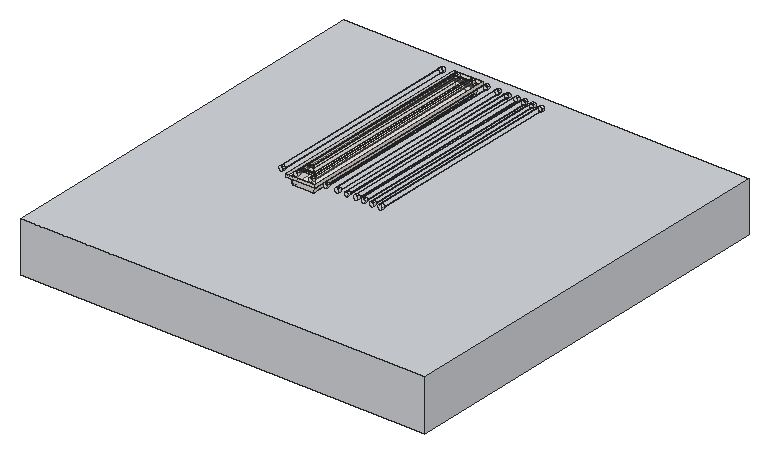
Revit family
Parameters
  Width = 1' - 4 3/4"
  Wattage Comments = "Varies per type."
  Wattage = 13 W
  Watermarked By = "http://revitwatermark.com"
  built-in parameter 1150110 = 1 (stored number, unit not read)
  Voltage = "120"
  URL = "http://www.cooperlighting.com/"
  Type Comments = "Load types thru Type Catalog."
  Supply Voltage = 0 V
  Shield Type = Shield 4 - Vaportite : VT3
  Shield Material = Plastic - Cooper Industries - #12 Acrylic
  Reflector Type = Generic Component : None
  Mounting Trim Type = ""
  Louver Material = Metal - Cooper Industries - Aluminum
  Number of Poles = 1
  Model = "All Industrial models."
  Lamp = "T8,Biax,T5,or U"
  Is Recessed = no
  Housing Type = Housing 10 - VT23 : 4' Surface VT3
  End Cap Type = Generic Component : None
  Electrical Connector Description = "Power Supply"
  Diffuser Material = Metal - Cooper Industries - Aluminum - White
  Description = "Main Industrials Family"
  Cable Type = Generic Component : None
  Cable Material = Metal - Cooper Industries - Steel - White
  CTRL Reflector Width = 1' - 2"
  CTRL Reflector Length = CTRL End Cap Length Distance - 0' 0 1/8"  # 4' - 0"
  CTRL Reflector 2 Visibility = not(CTRL Reflector 2 Left Inset = CTRL Reflector 1 Left Inset)  # no
  CTRL Reflector 2 Elevation Inset = 0' - 4 11/32"
  CTRL Reflector 2 Left Inset = 0' - 8"
  CTRL Reflector 1 Visibility = yes
  CTRL Reflector 1 Left Inset = 0' - 8"
  CTRL Reflector 1 Elevation Inset = 0' - 4 11/32"
  CTRL Light Source 2 Offset = 1' - 0"
  CTRL Light Source 1 Offset = 2' - 0"
  CTRL Lamp 9 Visibility = and(Lamp Quantity > 8, CTRL Lamp 8 Visibility)  # yes
  CTRL Lamp 9 Height Inset = 0' - 3 1/8"
  CTRL Lamp 9 Distance From 8 = 0' - 2"
  CTRL Lamp 8 Visibility = and(Lamp Quantity > 7, CTRL Lamp 7 Visibility)  # yes
  CTRL Lamp 8 Height Inset = 0' - 3 1/8"
  CTRL Lamp 8 Distance From 7 = 0' - 1 3/4"
  CTRL Lamp 7 Visibility = and(Lamp Quantity > 6, CTRL Lamp 6 Visibility)  # yes
  CTRL Lamp 7 Height Inset = 0' - 3 1/8"
  CTRL Lamp 7 Distance From 6 = 0' - 2 1/4"
  CTRL Lamp 6 Visibility = and(Lamp Quantity > 5, CTRL Lamp 5 Visibility)  # yes
  CTRL Lamp 6 Height Inset = 0' - 3 1/8"
  CTRL Lamp 6 Distance From 5 = 0' - 2 1/4"
  CTRL Lamp 5 Visibility = and(Lamp Quantity > 4, CTRL Lamp 4 Visibility)  # yes
  CTRL Lamp 5 Height Inset = 0' - 3 1/8"
  CTRL Lamp 5 Distance From 4 = 0' - 2 3/4"
  CTRL Lamp 4 Height Inset = 0' - 3 1/8"
  CTRL Lamp 4 Distance From 3 = 0' - 3 1/2"
  CTRL Lamp 3 Height Inset = 0' - 3 1/8"
  CTRL Lamp 3 Distance From 2 = 0' - 3 1/2"
  CTRL Lamp 2 Height Inset = 0' - 3 1/8"
  CTRL Lamp 2 Distance From 1 = 0' - 3 1/2"
  CTRL Lamp 10 Visibility = and(Lamp Quantity > 9, CTRL Lamp 9 Visibility)  # yes
  CTRL Lamp 10 Height Inset = 0' - 3 1/8"
  CTRL Lamp 10 Distance From 9 = 0' - 2"
  CTRL Lamp 1 Left Inset = 0' - 3 1/8"
  CTRL Lamp 1 Height Inset = 0' - 3 1/8"
  CTRL End Cap Width = 0' - 11 3/4"
  CTRL End Cap Length Distance = 4' - 0 1/8"
  CTRL Cable Visibility = or(and(not(Is Recessed), Mounting Offset > 0' 2"))  # yes
  CTRL Cable Inset = 0' - 5 181/256"
  CTRL Bulb U Separation Distance = 0' - 2"
  Total Voltage = ""
  built-in parameter 1114217 = 1 (stored number, unit not read)
  Total Input Wattage = 0 W
  Tilt Angle = 0.00°
  built-in parameter 1150109 = 1 (stored number, unit not read)
  built-in parameter 1150134 = 3
  built-in parameter 1150113 = 1 (stored number, unit not read)
  Shipping Weight = 0 lbf
  Series = "Industrials"
  Product Page URL = ""
  Product Documentation Link = ""
  Power Factor = 0
  Photometric Web File = "GC-132A.ies"
  Packaging = ""
  Mounting Offset = 1' - 0"
  Manufacturer = "Cooper Industries, Inc."  # constant formula
  built-in parameter 1150105 = 448.74 (stored number, unit not read)
  Lumens = 1931.05 lm
  built-in parameter 1150115 = 1 (stored number, unit not read)
  built-in parameter 1150137 = (empty or 0)
  built-in parameter 1150139 = (empty or 0)
  CTRL Bulb Diameter = 0' - 1"
  Light Bulb Material = Glass - Cooper Industries - Light Bulb On
  CTRL Bulb Length = CTRL End Cap Length Distance - 0' 0 1/8"  # 4' - 0"
  Lens Type = ""
  Length = 4' - 0"
  built-in parameter 1150112 = 1 (stored number, unit not read)
  Lamp Quantity = 10
  built-in parameter 1150114 = 1 (stored number, unit not read)
  built-in parameter 1150132 = (empty or 0)
  built-in parameter 1150102 = (empty or 0)
  built-in parameter 1150107 = 3200 (stored number, unit not read)
  built-in parameter 1150138 = (empty or 0)
  built-in parameter 1150106 = 4.4874 (stored number, unit not read)
  Height = 0' - 4 5/16"
  Has Straight Bulb = yes
  Has Biaxial Bulb = no
  Frame Material = Metal - Cooper Industries - Steel - White
  Efficiency = ""
  built-in parameter 1150104 = 13.8 (stored number, unit not read)
  Dimming Lamp Color Temperature Shift = (empty or 0)
  Default Elevation = 4' - 0"
  Copyright © = "© 2000-2010 Cooper Industries, Inc."  # constant formula
  Color Filter = 16777215
  Catalog Number = ""
  CTRL Recessed = if(Is Recessed, Height, 0' 0")  # 0' - 0"
  CTRL Shield Width = 1' - 3 1/2"
  CTRL Shield Length = 3' - 11 7/8"
  CTRL Bulb 2 Front Inset = Length / 2  # 2' - 0"
  CTRL Bulb 1 Front Inset = Length / 2  # 2' - 0"
  Ballast Type = ""
  Ballast Quantity = 1
  built-in parameter 1114218 = 1 (stored number, unit not read)
  built-in parameter 1150133 = 10 (stored number, unit not read)
  Assembly Code = "D5020210"
  CTRL Lamp 4 Visibility = and(Lamp Quantity > 3, CTRL Lamp 3 Visibility)  # yes
  CTRL Lamp 3 Visibility = and(Lamp Quantity > 2, CTRL Lamp 2 Visibility)  # yes
  CTRL Lamp 2 Visibility = and(Lamp Quantity > 1, CTRL Lamp 1 Visibility)  # yes
  CTRL Lamp 1 Visibility = Lamp Quantity > 0  # yes
  Apparent Load = Total Input Wattage  # 0 VA
Reference planes (in)
  plane 1 "Center (Front/Back)": y = 0
  plane 2 "Host Face": z = 0
  plane 3 "Center (Left/Right)": x = 0
  plane 4 "Left": x = -8.375
  plane 5 "Front": y = -24
  plane 6 "Right": x = 8.375
  plane 7 "Back": y = 24
  plane 8 "Bottom": z = 12
  plane 9 "Top": z = 16.3125
  plane 10 "Recess Bottom": z = 0
  plane 11 "Light Source (L/R) 1": x = -5.25
  plane 12 "Light Source (L/R) 2": x = -1.75
  plane 13 "Light Source (L/R) 3": x = 1.75
  plane 14 "Light Source (L/R) 4": x = 5.25
  plane 15 "Light Source (T/B) 1": z = 15.125
  plane 16 "Light Source (T/B) 2": z = 15.125
  plane 17 "Light Source (T/B) 3": z = 15.125
  plane 18 "Light Source (T/B) 4": z = 15.125
  plane 19 "Reflector 1 Center (L/R)": x = -0.375
  plane 20 "Reflector 2 Center (L/R)": x = -0.375
  plane 21 "Reflector 1 Bottom": z = 16.34375
  plane 22 "Reflector 2 Bottom": z = 16.34375
  plane 23 "Void Back": y = 24.0625
  plane 24 "Void Left": x = -5.875
  plane 25 "Void Front": y = -24.0625
  plane 26 "Void Right": x = 5.875
  plane 27 "Top Void Set": z = 0.0625
  plane 28 "End Cap Back": y = 24.0625
  plane 29 "End Cap Front": y = -24.0625
  plane 30 "Void Bottom": z = -0.03125
  plane 31 "Light Source Offset": z = 36
  plane 32 "Light Source 2 Center (F/B)": y = 0
  plane 33 "Light Source 1 Center (F/B)": y = 0
  plane 34 "Light Source (T/B) 5": z = 15.125
  plane 35 "Light Source (T/B) 6": z = 15.125
  plane 36 "Light Source (T/B) 7": z = 15.125
  plane 37 "Light Source (T/B) 8": z = 15.125
  plane 38 "Light Source (T/B) 10": z = 15.125
  plane 39 "Light Source (T/B) 9": z = 15.125
  plane 40 "Light Source (L/R) 5": x = 8
  plane 41 "Light Source (L/R) 6": x = 10.25
  plane 42 "Light Source (L/R) 7": x = 12.5
  plane 43 "Light Source (L/R) 8": x = 14.25
  plane 44 "Light Source (L/R) 9": x = 16.25
  plane 45 "Light Source (L/R) 10": x = 18.25
  plane 46 "Back Cable Center (F/B)": y = 18.29297
  plane 47 "Front Cable Center (F/B)": y = -18.29297
Forms (in)
  Extrusion 1, solid
    sketch origin (0, 0, 0) x (1, 0, 0) y (0, 1, 0)
      loop
        line (-48, 48) -> (-48, -48) -> (48, -48) -> (48, 48) -> (-48, 48)
    from 0 to -12
Dimensions and locks (in)
  "Width": plane 4 "Left" to plane 6 "Right"
  "Length": plane 5 "Front" to plane 7 "Back"
  equal spacing: plane 5 "Front", plane 1 "Center (Front/Back)", plane 7 "Back"
  equal spacing: plane 4 "Left", plane 3 "Center (Left/Right)", plane 6 "Right"
  "Height": plane 9 "Top" to plane 8 "Bottom"
  "CTRL Recessed": plane 2 "Host Face" to plane 10 "Recess Bottom"
  "Mounting Offset": plane 8 "Bottom" to plane 10 "Recess Bottom"
  "CTRL Reflector 1 Left Inset": plane 19 "Reflector 1 Center (L/R)" to plane 4 "Left"
  "CTRL Lamp 1 Left Inset": plane 11 "Light Source (L/R) 1" to plane 4 "Left"
  "CTRL Lamp 2 Distance From 1": plane 11 "Light Source (L/R) 1" to plane 12 "Light Source (L/R) 2"
  "CTRL Lamp 3 Distance From 2": plane 12 "Light Source (L/R) 2" to plane 13 "Light Source (L/R) 3"
  "CTRL Lamp 4 Distance From 3": plane 13 "Light Source (L/R) 3" to plane 14 "Light Source (L/R) 4"
  "CTRL Reflector 2 Left Inset": plane 4 "Left" to plane 20 "Reflector 2 Center (L/R)"
  locked: plane 23 "Void Back" to plane 28 "End Cap Back"
  locked: plane 25 "Void Front" to plane 29 "End Cap Front"
  locked: plane 27 "Top Void Set" to plane 2 "Host Face" at 0.0625
  equal spacing: plane 28 "End Cap Back", plane 1 "Center (Front/Back)", plane 29 "End Cap Front"
  "CTRL End Cap Length Distance": plane 28 "End Cap Back" to plane 29 "End Cap Front"
  locked: plane 10 "Recess Bottom" to plane 30 "Void Bottom" at 0.03125
  "CTRL Light Source 1 Offset": plane 31 "Light Source Offset" to plane 8 "Bottom"
  "CTRL Lamp 1 Height Inset": plane 15 "Light Source (T/B) 1" to plane 8 "Bottom"
  "CTRL Lamp 2 Height Inset": plane 16 "Light Source (T/B) 2" to plane 8 "Bottom"
  "CTRL Lamp 3 Height Inset": plane 17 "Light Source (T/B) 3" to plane 8 "Bottom"
  "CTRL Lamp 4 Height Inset": plane 18 "Light Source (T/B) 4" to plane 8 "Bottom"
  "CTRL Reflector 1 Elevation Inset": plane 21 "Reflector 1 Bottom" to plane 8 "Bottom"
  "CTRL Reflector 2 Elevation Inset": plane 22 "Reflector 2 Bottom" to plane 8 "Bottom"
  equal spacing: plane 24 "Void Left", plane 3 "Center (Left/Right)", plane 26 "Void Right"
  "CTRL End Cap Width": plane 24 "Void Left" to plane 26 "Void Right"
  "CTRL Bulb 1 Front Inset": plane 33 "Light Source 1 Center (F/B)" to plane 5 "Front"
  "CTRL Bulb 2 Front Inset": plane 32 "Light Source 2 Center (F/B)" to plane 5 "Front"
  "CTRL Lamp 5 Height Inset": plane 34 "Light Source (T/B) 5" to plane 8 "Bottom"
  "CTRL Lamp 6 Height Inset": plane 35 "Light Source (T/B) 6" to plane 8 "Bottom"
  "CTRL Lamp 7 Height Inset": plane 36 "Light Source (T/B) 7" to plane 8 "Bottom"
  "CTRL Lamp 8 Height Inset": plane 37 "Light Source (T/B) 8" to plane 8 "Bottom"
  "CTRL Lamp 9 Height Inset": plane 39 "Light Source (T/B) 9" to plane 8 "Bottom"
  "CTRL Lamp 10 Height Inset": plane 38 "Light Source (T/B) 10" to plane 8 "Bottom"
  "CTRL Lamp 5 Distance From 4": plane 14 "Light Source (L/R) 4" to plane 40 "Light Source (L/R) 5"
  "CTRL Lamp 6 Distance From 5": plane 40 "Light Source (L/R) 5" to plane 41 "Light Source (L/R) 6"
  "CTRL Lamp 7 Distance From 6": plane 41 "Light Source (L/R) 6" to plane 42 "Light Source (L/R) 7"
  "CTRL Lamp 8 Distance From 7": plane 42 "Light Source (L/R) 7" to plane 43 "Light Source (L/R) 8"
  "CTRL Lamp 9 Distance From 8": plane 43 "Light Source (L/R) 8" to plane 44 "Light Source (L/R) 9"
  "CTRL Lamp 10 Distance From 9": plane 44 "Light Source (L/R) 9" to plane 45 "Light Source (L/R) 10"
  "CTRL Cable Inset": plane 5 "Front" to plane 47 "Front Cable Center (F/B)"
  "CTRL Cable Inset": plane 7 "Back" to plane 46 "Back Cable Center (F/B)"
  aligned and locked: plane 2 "Host Face" to Extrusion 1
  aligned and locked: level to Extrusion 1
  aligned and locked: imposter light to plane 11 "Light Source (L/R) 1"
  aligned: plane 1 "Center (Front/Back)" to imposter light
  aligned and locked: plane 31 "Light Source Offset" to imposter light
  aligned and locked: nested 3 to plane 14 "Light Source (L/R) 4"
  aligned and locked: nested 2 to plane 13 "Light Source (L/R) 3"
  aligned and locked: nested 1 to plane 12 "Light Source (L/R) 2"
  aligned and locked: plane 18 "Light Source (T/B) 4" to nested 3
  aligned and locked: plane 17 "Light Source (T/B) 3" to nested 2
  aligned and locked: plane 16 "Light Source (T/B) 2" to nested 1
  aligned and locked: imposter light to plane 33 "Light Source 1 Center (F/B)"
  aligned and locked: plane 32 "Light Source 2 Center (F/B)" to nested 1
  aligned and locked: plane 32 "Light Source 2 Center (F/B)" to nested 3
  aligned and locked: plane 32 "Light Source 2 Center (F/B)" to nested 2
  aligned and locked: plane 33 "Light Source 1 Center (F/B)" to nested 4
  aligned and locked: plane 15 "Light Source (T/B) 1" to nested 4
  aligned and locked: nested 4 to plane 11 "Light Source (L/R) 1"
  aligned and locked: nested 5 to plane 34 "Light Source (T/B) 5"
  aligned and locked: nested 6 to plane 35 "Light Source (T/B) 6"
  aligned and locked: nested 7 to plane 36 "Light Source (T/B) 7"
  aligned and locked: nested 8 to plane 37 "Light Source (T/B) 8"
  aligned and locked: nested 9 to plane 39 "Light Source (T/B) 9"
  aligned and locked: nested 10 to plane 38 "Light Source (T/B) 10"
  aligned and locked: nested 5 to plane 1 "Center (Front/Back)"
  aligned and locked: nested 6 to plane 1 "Center (Front/Back)"
  aligned and locked: nested 7 to plane 1 "Center (Front/Back)"
  aligned and locked: nested 8 to plane 1 "Center (Front/Back)"  (x2)
  aligned and locked: nested 9 to plane 1 "Center (Front/Back)"
  aligned and locked: nested 10 to plane 1 "Center (Front/Back)"  (x2)
  aligned and locked: nested 5 to plane 40 "Light Source (L/R) 5"
  aligned and locked: nested 6 to plane 41 "Light Source (L/R) 6"
  aligned and locked: nested 7 to plane 42 "Light Source (L/R) 7"
  aligned and locked: nested 8 to plane 43 "Light Source (L/R) 8"
  aligned and locked: nested 9 to plane 44 "Light Source (L/R) 9"
  aligned and locked: nested 10 to plane 45 "Light Source (L/R) 10"
  aligned and locked: plane 1 "Center (Front/Back)" to nested 12
  aligned: plane 3 "Center (Left/Right)" to nested 12
  aligned and locked: plane 1 "Center (Front/Back)" to nested 11
  aligned and locked: plane 3 "Center (Left/Right)" to nested 11
  aligned and locked: nested 16 to plane 46 "Back Cable Center (F/B)"
  aligned and locked: plane 47 "Front Cable Center (F/B)" to nested 15
  aligned and locked: plane 3 "Center (Left/Right)" to nested 15
  aligned and locked: plane 3 "Center (Left/Right)" to nested 16
  aligned and locked: plane 29 "End Cap Front" to nested 14
  aligned and locked: plane 3 "Center (Left/Right)" to nested 14
  aligned and locked: nested 13 to plane 28 "End Cap Back"
  aligned and locked: plane 3 "Center (Left/Right)" to nested 13
  aligned: plane 8 "Bottom" to nested 12
  aligned and locked: plane 1 "Center (Front/Back)" to nested 17
  aligned: plane 3 "Center (Left/Right)" to nested 17
  aligned and locked: plane 21 "Reflector 1 Bottom" to nested 12
  aligned and locked: plane 22 "Reflector 2 Bottom" to nested 17
  aligned and locked: plane 8 "Bottom" to nested 14
  aligned and locked: plane 8 "Bottom" to nested 13
  aligned: plane 22 "Reflector 2 Bottom" to nested 11
  aligned and locked: plane 8 "Bottom" to nested 15
  aligned and locked: plane 8 "Bottom" to nested 16
  aligned: nested 17 to plane 19 "Reflector 1 Center (L/R)"
  aligned: nested 12 to plane 20 "Reflector 2 Center (L/R)"
  aligned and locked: plane 8 "Bottom" to nested 11
  aligned and locked: nested 17 to plane 20 "Reflector 2 Center (L/R)"
  aligned and locked: nested 12 to plane 19 "Reflector 1 Center (L/R)"
  aligned and locked: nested 18 to plane 9 "Top"
  aligned and locked: plane 1 "Center (Front/Back)" to nested 18
  aligned and locked: plane 3 "Center (Left/Right)" to nested 18
Automatic sketch dimensions
  Extrusion 1 sketch curve to Extrusion 1 sketch curve = 8' - 0"  (x2)
Nested families (in)
  nested 1: "Bulb - Light Source - Arch" at (-1.75, 0, 14.625) x (0, 1, 0) z (0, 0, 1), Light Source Offset <- "CTRL Light Source 2 Offset", visible <- "CTRL Lamp 2 Visibility", type "3 Types"
    with Light Source Offset 1' - 0", Biaxial Angle 90.00°, Wattage 13 W, Is Biaxial Bulb no, Bulb Seperation Distance 0' - 2", Is Straight Bulb yes, Lumens 1931.05 lm, CTRL U Bulb 0' - 1", Bulb Radius 0' - 0 1/2", Bulb Length 4' - 0", Bulb Diameter 0' - 1"
  nested 2: "Bulb - Light Source - Arch" at (1.75, 0, 14.625) x (0, 1, 0) z (0, 0, 1), Light Source Offset <- "CTRL Light Source 2 Offset", visible <- "CTRL Lamp 3 Visibility", type "3 Types"
    with Light Source Offset 1' - 0", Biaxial Angle 90.00°, Wattage 13 W, Is Biaxial Bulb no, Bulb Seperation Distance 0' - 2", Is Straight Bulb yes, Lumens 1931.05 lm, CTRL U Bulb 0' - 1", Bulb Radius 0' - 0 1/2", Bulb Length 4' - 0", Bulb Diameter 0' - 1"
  nested 3: "Bulb - Light Source - Arch" at (5.25, 0, 14.625) x (0, 1, 0) z (0, 0, 1), Light Source Offset <- "CTRL Light Source 2 Offset", visible <- "CTRL Lamp 4 Visibility", type "3 Types"
    with Light Source Offset 1' - 0", Biaxial Angle 90.00°, Wattage 13 W, Is Biaxial Bulb no, Bulb Seperation Distance 0' - 2", Is Straight Bulb yes, Lumens 1931.05 lm, CTRL U Bulb 0' - 1", Bulb Radius 0' - 0 1/2", Bulb Length 4' - 0", Bulb Diameter 0' - 1"
  nested 4: "Bulb - No Light Source" at (-5.25, 0, 14.625) x (0, 1, 0) z (0, 0, 1), visible <- "CTRL Lamp 1 Visibility", Light Source Offset <- "CTRL Light Source 1 Offset", type "3 Types"
    with Light Source Offset 2' - 0", Biaxial Angle 90.00°, Is Biaxial Bulb no, Bulb Seperation Distance 0' - 2", Is Straight Bulb yes, CTRL U Bulb 0' - 1", Bulb Radius 0' - 0 1/2", Bulb Length 4' - 0", Bulb Diameter 0' - 1"
  nested 5: "Bulb - Light Source - Arch" at (8, 0, 14.625) x (0, 1, 0) z (0, 0, 1), Light Source Offset <- "CTRL Light Source 2 Offset", visible <- "CTRL Lamp 5 Visibility", type "3 Types"
    with Light Source Offset 1' - 0", Biaxial Angle 90.00°, Wattage 13 W, Is Biaxial Bulb no, Bulb Seperation Distance 0' - 2", Is Straight Bulb yes, Lumens 1931.05 lm, CTRL U Bulb 0' - 1", Bulb Radius 0' - 0 1/2", Bulb Length 4' - 0", Bulb Diameter 0' - 1"
  nested 6: "Bulb - Light Source - Arch" at (10.25, 0, 14.625) x (0, 1, 0) z (0, 0, 1), Light Source Offset <- "CTRL Light Source 2 Offset", visible <- "CTRL Lamp 6 Visibility", type "3 Types"
    with Light Source Offset 1' - 0", Biaxial Angle 90.00°, Wattage 13 W, Is Biaxial Bulb no, Bulb Seperation Distance 0' - 2", Is Straight Bulb yes, Lumens 1931.05 lm, CTRL U Bulb 0' - 1", Bulb Radius 0' - 0 1/2", Bulb Length 4' - 0", Bulb Diameter 0' - 1"
  nested 7: "Bulb - Light Source - Arch" at (12.5, 0, 14.625) x (0, 1, 0) z (0, 0, 1), Light Source Offset <- "CTRL Light Source 2 Offset", visible <- "CTRL Lamp 7 Visibility", type "3 Types"
    with Light Source Offset 1' - 0", Biaxial Angle 90.00°, Wattage 13 W, Is Biaxial Bulb no, Bulb Seperation Distance 0' - 2", Is Straight Bulb yes, Lumens 1931.05 lm, CTRL U Bulb 0' - 1", Bulb Radius 0' - 0 1/2", Bulb Length 4' - 0", Bulb Diameter 0' - 1"
  nested 8: "Bulb - Light Source - Arch" at (14.25, 0, 14.625) x (0, 1, 0) z (0, 0, 1), Light Source Offset <- "CTRL Light Source 2 Offset", visible <- "CTRL Lamp 8 Visibility", type "3 Types"
    with Light Source Offset 1' - 0", Biaxial Angle 90.00°, Wattage 13 W, Is Biaxial Bulb no, Bulb Seperation Distance 0' - 2", Is Straight Bulb yes, Lumens 1931.05 lm, CTRL U Bulb 0' - 1", Bulb Radius 0' - 0 1/2", Bulb Length 4' - 0", Bulb Diameter 0' - 1"
  nested 9: "Bulb - Light Source - Arch" at (16.25, 0, 14.625) x (0, 1, 0) z (0, 0, 1), Light Source Offset <- "CTRL Light Source 2 Offset", visible <- "CTRL Lamp 9 Visibility", type "3 Types"
    with Light Source Offset 1' - 0", Biaxial Angle 90.00°, Wattage 13 W, Is Biaxial Bulb no, Bulb Seperation Distance 0' - 2", Is Straight Bulb yes, Lumens 1931.05 lm, CTRL U Bulb 0' - 1", Bulb Radius 0' - 0 1/2", Bulb Length 4' - 0", Bulb Diameter 0' - 1"
  nested 10: "Bulb - Light Source - Arch" at (18.25, 0, 14.625) x (0, 1, 0) z (0, 0, 1), Light Source Offset <- "CTRL Light Source 2 Offset", visible <- "CTRL Lamp 10 Visibility", type "3 Types"
    with Light Source Offset 1' - 0", Biaxial Angle 90.00°, Wattage 13 W, Is Biaxial Bulb no, Bulb Seperation Distance 0' - 2", Is Straight Bulb yes, Lumens 1931.05 lm, CTRL U Bulb 0' - 1", Bulb Radius 0' - 0 1/2", Bulb Length 4' - 0", Bulb Diameter 0' - 1"
  nested 11: "Housing 10 - VT23" at (0, 0, 12), Surface Finish <- "Frame Material", Interior Reflective Finish <- "Diffuser Material", Bracket Finish <- "Cable Material", type <- "Housing Type", type "4' Surface VT3"
    with Surface Finish Metal - Cooper Industries - Steel - White, Interior Reflective Finish Metal - Cooper Industries - Aluminum - White, Bracket Finish Metal - Cooper Industries - Steel - White, Width 0' - 6 15/16", CTRL 1 Radius 0' - 3 7/32"
  nested 12: "Generic Component" at (-0.375, 12.74414, 16.34375), Surface Finish <- "Frame Material", Interior Reflective Finish <- "Diffuser Material", visible <- "CTRL Reflector 1 Visibility", type <- "Reflector Type", type "None"
    with Surface Finish Metal - Cooper Industries - Steel - White, Shield Material none, Rod Material none, Perforated Shield Material none, Mounting Finish none, Louver Finish none, Lens Material none, Interior Reflective Finish Metal - Cooper Industries - Aluminum - White, Cable Material none, CTRL Length 3' - 11 7/8", Bracket Finish none, Attachment Wire Length 0' - 0"
  nested 13: "Generic Component" at (0, 12.86914, 12), Surface Finish <- "Frame Material", Interior Reflective Finish <- "Diffuser Material", type <- "End Cap Type", type "None"
    with Surface Finish Metal - Cooper Industries - Steel - White, Shield Material none, Rod Material none, Perforated Shield Material none, Mounting Finish none, Louver Finish none, Lens Material none, Interior Reflective Finish Metal - Cooper Industries - Aluminum - White, Cable Material none, CTRL Length 3' - 11 7/8", Bracket Finish none, Attachment Wire Length 0' - 0"
  nested 14: "Generic Component" at (0, 12.61914, 12), Surface Finish <- "Frame Material", Interior Reflective Finish <- "Diffuser Material", type <- "End Cap Type", type "None"
    with Surface Finish Metal - Cooper Industries - Steel - White, Shield Material none, Rod Material none, Perforated Shield Material none, Mounting Finish none, Louver Finish none, Lens Material none, Interior Reflective Finish Metal - Cooper Industries - Aluminum - White, Cable Material none, CTRL Length 3' - 11 7/8", Bracket Finish none, Attachment Wire Length 0' - 0"
  nested 15: "Generic Component" at (0, -5.54883, 10.25), type <- "Cable Type", visible <- "CTRL Cable Visibility", type "None"
    with Surface Finish none, Shield Material none, Rod Material none, Perforated Shield Material none, Mounting Finish none, Louver Finish none, Lens Material none, Interior Reflective Finish none, Cable Material none, CTRL Length 3' - 11 7/8", Bracket Finish none, Attachment Wire Length 0' - 0"
  nested 16: "Generic Component" at (0, 31.03711, 10.25), type <- "Cable Type", visible <- "CTRL Cable Visibility", type "None"
    with Surface Finish none, Shield Material none, Rod Material none, Perforated Shield Material none, Mounting Finish none, Louver Finish none, Lens Material none, Interior Reflective Finish none, Cable Material none, CTRL Length 3' - 11 7/8", Bracket Finish none, Attachment Wire Length 0' - 0"
  nested 17: "Generic Component" at (-0.375, 12.74414, 16.34375), Surface Finish <- "Frame Material", Interior Reflective Finish <- "Diffuser Material", visible <- "CTRL Reflector 2 Visibility", type <- "Reflector Type", type "None"
    with Surface Finish Metal - Cooper Industries - Steel - White, Shield Material none, Rod Material none, Perforated Shield Material none, Mounting Finish none, Louver Finish none, Lens Material none, Interior Reflective Finish Metal - Cooper Industries - Aluminum - White, Cable Material none, CTRL Length 3' - 11 7/8", Bracket Finish none, Attachment Wire Length 0' - 0"
  nested 18: "Shield 4 - Vaportite" at (0, 0, 13.68359), type <- "Shield Type", Lens Material <- "Shield Material", Surface Finish <- "Frame Material", type "VT3"
    with Surface Finish Metal - Cooper Industries - Steel - White, Lens Material Plastic - Cooper Industries - #12 Acrylic
Connectors (in)
  electrical at (0, 0, 12), driven by "Electrical Connector Description", driven by "Power Factor", driven by "Apparent Load", driven by "Supply Voltage", driven by "Number of Poles"
    settings: index 2
Definition of nested family "Bulb - Light Source - Arch"
  Parameters (values of type "3 Types")
    Wattage = 9.2903 W
    built-in parameter 1150110 = 1 (stored number, unit not read)
    Light Source Offset [instance] = 0' - 3"
    Is Biaxial Bulb = yes
    Bulb Seperation Distance = 0' - 0 3/4"
    Is U Bulb = no
    built-in parameter 1114217 = 1 (stored number, unit not read)
    Tilt Angle = 0.00°
    built-in parameter 1150109 = 1 (stored number, unit not read)
    built-in parameter 1150134 = 3
    built-in parameter 1150113 = 1 (stored number, unit not read)
    Is Straight Bulb = no
    Photometric Web File = "2EP3GAX-2BX40S44I.ies"
    built-in parameter 1150142 = "IESNA:LM-63-1995\r\n[DATE]09/15/98\r\n[TEST]ITL48350\r\n[MANUFAC]COOPER LIGHTING - METALUX\r\n[LUMCAT]2EP3GAX-2BX40S44I\r\n[LUMINAIRE]FABRICATED METAL HOUSING WITH WHITE PAINTED INTERIOR FINISH,\r\n[MORE]WHITE PAINTED FORMED METAL BALLAST COVER, FABRICATED DIFFUSE\r\n[MORE]METAL PARABOLIC 16-CELL LOUVER.\r\n[LAMP]TWO 40-WATT SINGLE ENDED TWIN TUBE FLUORESCENTS, G.E.\r\n[MORE]F40BX/SPX35/IS. LAMPS HORIZONTAL WITH TUBES VERTICAL.\r\n[BALLAST]MAGNETEK B340I120HP\r\n[_MOUNTING]RECESSED\r\n[_PAINTREFL]86.1 %\r\n[OTHER]THE 0 DEGREE PLANE IS OPPOSITE THE SOCKETS.\r\n[OTHER]TOTAL INPUT WATTS=  75.5 AT 120.0 VOLTS\r\nTILT=NONE\r\n2 3150 1 37 5 1 1 1.7344 1.75 0\r\n1 1 75.5\r\n0 2.5 5 7.5 10 12.5 15 17.5 20 22.5 25 27.5 30 32.5 35 37.5 40 42.5 45 47.5 50\r\n 52.5 55 57.5 60 62.5 65 67.5 70 72.5 75 77.5 80 82.5 85 87.5 90\r\n0 22.5 45 67.5 90\r\n1262 1260 1254 1241 1225 1208 1188 1168 1143 1120 1097 1067 1039 1005 970 932\r\n 892 849 800 746 690 626 543 443 338 238 145 80 49 32 23 15 10 6 3 0 0\r\n1262 1260 1252 1236 1214 1191 1171 1155 1140 1125 1106 1084 1065 1043 1017 995\r\n 974 960 943 925 902 865 800 693 539 358 204 106 57 36 25 17 11 6 3 1 0\r\n1262 1258 1241 1222 1218 1216 1211 1205 1197 1193 1200 1220 1245 1277 1311 1346\r\n 1379 1402 1416 1419 1405 1337 1152 865 543 265 118 65 43 31 21 15 10 6 3 1 0\r\n1262 1257 1236 1234 1242 1247 1250 1252 1277 1320 1373 1439 1507 1583 1644 1697\r\n 1761 1849 1968 1973 1805 1506 1086 662 339 181 99 62 44 31 22 15 10 6 3 1 0\r\n1262 1256 1233 1240 1251 1259 1264 1284 1331 1392 1471 1552 1648 1730 1799 1880\r\n 2007 2186 2283 2161 1920 1489 938 538 284 147 85 57 40 29 20 14 9 5 3 0 0\r\n\u001a"
    built-in parameter 1150105 = 109.82 (stored number, unit not read)
    Lumens = 1380 lm
    built-in parameter 1150115 = 1 (stored number, unit not read)
    built-in parameter 1150137 = (empty or 0)
    built-in parameter 1150139 = (empty or 0)
    Light Bulb Material = Glass - Cooper Industries - Clear
    built-in parameter 1150112 = 1 (stored number, unit not read)
    built-in parameter 1150114 = 1 (stored number, unit not read)
    built-in parameter 1150132 = (empty or 0)
    built-in parameter 1150102 = (empty or 0)
    built-in parameter 1150107 = 3200 (stored number, unit not read)
    built-in parameter 1150138 = (empty or 0)
    built-in parameter 1150106 = 1.0982 (stored number, unit not read)
    built-in parameter 1150104 = 13.8 (stored number, unit not read)
    Dimming Lamp Color Temperature Shift = (empty or 0)
    Color Filter = 16777215
    CTRL U Bulb = if(1 = 1, Bulb Seperation Distance / 2, 0' 0")  # 0' - 0 3/8"
    Bulb Radius = Bulb Diameter / 2  # 0' - 0 5/16"
    Bulb Length = 3' - 0"
    Bulb End Material = Metal - Cooper Industries - Aluminum
    Bulb Diameter = 0' - 0 5/8"
    Biaxial Angle [instance] = 0.00°
    built-in parameter 1114218 = 1 (stored number, unit not read)
    built-in parameter 1150133 = 10 (stored number, unit not read)
  Reference planes (in)
    plane 1 "Center (Front/Back)": y = 0
    plane 2 "Bottom": z = 0
    plane 3 "Center (Left/Right)": x = 0
    plane 4 "Center (Elevation)": z = 0.3125
    plane 5 "Top": z = 0.625
    plane 6 "Left": x = -18
    plane 7 "Left Inset": x = -17.5
    plane 8 "Right": x = 18
    plane 9 "Right Inset": x = 17.5
    plane 10 "Straight Bulb Back": y = 0.3125
    plane 11 "Straight Bulb Front": y = -0.3125
    plane 12 "U Bulb Back Back": y = 0.6875
    plane 13 "U Bulb Back Front": y = 0.0625
    plane 14 "U Bulb Back Center": y = 0.375
    plane 15 "U Bulb Front Front": y = -0.6875
    plane 16 "U Bulb Front Back": y = -0.0625
    plane 17 "U Bulb Front Center": y = -0.375
    plane 18 "U Bulb Right Center": x = 17.6875
    plane 19 "U Bulb Left Right": x = 17.375
    plane 20 "U Bulb Arc Reference": x = 17.3125
    plane 21 "Biaxial Center (L/R)": y = 0
    plane 22 "Biaxial Center (T/B)": z = 0.3125
    plane 23 "Light Source Offset": z = 3.3125
  Forms (in)
    Extrusion 1, solid, material "Glass - Cooper Industries - Clear", visible <- "Is Straight Bulb", detail levels fine
      sketch origin (0, 0, 0) x (0, 1, 0) y (0, 0, 1)
        loop
          circle (0, 0.3125) r 0.3125
      from -17.5 to 17.5
    Extrusion 2, solid, material "Metal - Cooper Industries - Aluminum" <- "Bulb End Material", visible <- "Is Straight Bulb", detail levels fine
      sketch origin (0, 0, 0) x (0, 1, 0) y (0, 0, 1)
        loop
          circle (0, 0.3125) r 0.3125
      from 18 to 17.5
    Extrusion 3, solid, material "Metal - Cooper Industries - Aluminum" <- "Bulb End Material", visible <- "Is Straight Bulb", detail levels fine
      sketch origin (0, 0, 0) x (0, 1, 0) y (0, 0, 1)
        loop
          circle (0, 0.3125) r 0.3125
      from -18 to -17.5
    Sweep 4, solid, material "Glass - Cooper Industries - Clear", visible <- "Is U Bulb", detail levels fine
      path origin (0, 0, 0) x (1, 0, 0) y (0, 1, 0)
        loop
          line (-17.5, 0.375) -> (17.3125, 0.375)
          arc (17.3125, 0.375) -> (17.6875, 0) -> (17.3125, -0.375) r 0.375
          line (17.3125, -0.375) -> (-17.5, -0.375)
      profile origin (-0.09375, 0.375, 0) x (0, 1, 0) y (0, 0, 1)
        loop
          circle (0, 0.3125) r 0.3125
    Extrusion 5, solid, material "Metal - Cooper Industries - Aluminum" <- "Bulb End Material", visible <- "Is U Bulb", detail levels fine
      sketch origin (0, 0, 0) x (0, 1, 0) y (0, 0, 1)
        loop
          circle (0.375, 0.3125) r 0.3125
        loop
          circle (-0.375, 0.3125) r 0.3125
      from -18 to -17.5
    Extrusion 6, solid, material "Glass - Cooper Industries - Clear" <- "Light Bulb Material", visible <- "Is Biaxial Bulb", detail levels fine
      sketch origin (0, 0, 0) x (0, 1, 0) y (0, 0, 1)
        loop
          circle (0.375, 0.3125) r 0.3125
      from -17.5 to 17.5
    Extrusion 7, solid, material "Glass - Cooper Industries - Clear" <- "Light Bulb Material", visible <- "Is Biaxial Bulb", detail levels fine
      sketch origin (0, 0, 0) x (0, 1, 0) y (0, 0, 1)
        loop
          circle (-0.375, 0.3125) r 0.3125
      from -17.5 to 17.5
    Extrusion 8, solid, material "Metal - Cooper Industries - Aluminum" <- "Bulb End Material", visible <- "Is Biaxial Bulb", detail levels fine
      sketch origin (0, 0, 0) x (0, 1, 0) y (0, 0, 1)
        loop
          arc (-0.375, 0.625) -> (-0.6875, 0.3125) -> (-0.375, 0) r 0.3125
          line (-0.375, 0) -> (0.375, 0)
          arc (0.375, 0) -> (0.6875, 0.3125) -> (0.375, 0.625) r 0.3125
          line (0.375, 0.625) -> (-0.375, 0.625)
      from -18 to -17.5
  Lines and regions (in)
    Masking region 1, visible <- "Is Straight Bulb", detail levels fine
      outline origin (0, 0, 0) x (0, 1, 0) y (0, 0, 1)
        loop
          circle (0, 0.3125) r 0.3125
    Masking region 2, visible <- "Is U Bulb", detail levels fine
      outline origin (0, 0, 0) x (0, 1, 0) y (0, 0, 1)
        loop
          arc (-0.375, 0.625) -> (-0.6875, 0.3125) -> (-0.375, 0) r 0.3125
          line (-0.375, 0) -> (0.375, 0)
          arc (0.375, 0) -> (0.6875, 0.3125) -> (0.375, 0.625) r 0.3125
          line (0.375, 0.625) -> (-0.375, 0.625)
    Masking region 3, visible <- "Is Biaxial Bulb", detail levels fine
      outline origin (0, 0, 0) x (0, 1, 0) y (0, 0, 1)
        loop
          circle (0.375, 0.3125) r 0.3125
    Masking region 4, visible <- "Is Biaxial Bulb", detail levels fine
      outline origin (0, 0, 0) x (0, 1, 0) y (0, 0, 1)
        loop
          circle (-0.375, 0.3125) r 0.3125
    symbolic lines, style "Light Bulb", visible <- "Is U Bulb", detail levels fine
      curve 1: arc (-18, 0.375, 0.625) -> (-18, 0.0625, 0.3125) -> (-18, 0.375, 0) r 0.3125
      curve 2: arc (-18, -0.375, 0) -> (-18, -0.0625, 0.3125) -> (-18, -0.375, 0.625) r 0.3125
    reference lines
      curve 3: line (0, 0, 0.3125) -> (0, 0.375, 0.3125)
      curve 4: line (0, 0, 0.3125) -> (0, -0.375, 0.3125)
      curve 5: line (0, -0.375, 0) -> (0, -0.375, 0.625)
      curve 6: line (0, 0.375, 0) -> (0, 0.375, 0.625)
      curve 7: line (0, -0.375, 0.625) -> (0, 0.375, 0.625)
      curve 8: line (0, -0.375, 0) -> (0, 0.375, 0)
      curve 9: line (0, -0.6875, 0) -> (0, -0.6875, 0.625)
      curve 10: line (0, -0.0625, 0) -> (0, -0.0625, 0.625)
      curve 11: line (0, 0.6875, 0) -> (0, 0.6875, 0.625)
      curve 12: line (0, 0.0625, 0) -> (0, 0.0625, 0.625)
    model lines, style "Light Bulb", detail levels medium
      curve 13: line (-18, 0, 0.3125) -> (18, 0, 0.3125)
    symbolic lines, style "Light Bulb", detail levels fine
      curve 14: line (-18, 0, 0.3125) -> (18, 0, 0.3125)
      curve 15: line (-18, 0, 0.3125) -> (18, 0, 0.3125)
  Dimensions and locks (in)
    equal spacing: plane 5 "Top", plane 4 "Center (Elevation)", plane 2 "Bottom"
    "Bulb Diameter": plane 5 "Top" to plane 2 "Bottom"
    locked: plane 7 "Left Inset" to plane 6 "Left" at 0.5
    locked: plane 9 "Right Inset" to plane 8 "Right" at 0.5
    equal spacing: plane 8 "Right", plane 3 "Center (Left/Right)", plane 6 "Left"
    "Bulb Length": plane 6 "Left" to plane 8 "Right"
    "Bulb Diameter": plane 11 "Straight Bulb Front" to plane 10 "Straight Bulb Back"
    equal spacing: plane 11 "Straight Bulb Front", plane 1 "Center (Front/Back)", plane 10 "Straight Bulb Back"
    "Bulb Diameter": plane 13 "U Bulb Back Front" to plane 12 "U Bulb Back Back"
    equal spacing: plane 13 "U Bulb Back Front", plane 14 "U Bulb Back Center", plane 12 "U Bulb Back Back"
    "Bulb Diameter": plane 16 "U Bulb Front Back" to plane 15 "U Bulb Front Front"
    equal spacing: plane 16 "U Bulb Front Back", plane 17 "U Bulb Front Center", plane 15 "U Bulb Front Front"
    equal spacing: plane 17 "U Bulb Front Center", plane 1 "Center (Front/Back)", plane 14 "U Bulb Back Center"
    "Bulb Seperation Distance": plane 17 "U Bulb Front Center" to plane 14 "U Bulb Back Center"
    equal spacing: plane 19 "U Bulb Left Right", plane 18 "U Bulb Right Center", plane 8 "Right"
    "Bulb Diameter": plane 19 "U Bulb Left Right" to plane 8 "Right"
    "CTRL U Bulb": plane 20 "U Bulb Arc Reference" to plane 18 "U Bulb Right Center"
    equal spacing: curve 4, curve 4, curve 3
    "Bulb Seperation Distance": curve 3 to curve 4
    equal spacing: curve 5, curve 4, curve 5
    equal spacing: curve 7, curve 3, curve 8
    "Bulb Diameter": curve 7 to curve 8
    curve 9 to curve 9 = 0' - 0.47878"
    equal spacing: curve 9, curve 5, curve 10
    "Bulb Diameter": curve 9 to curve 10
    "Bulb Diameter": curve 12 to curve 11
    equal spacing: curve 12, curve 6, curve 11
    equal spacing: Extrusion 8 sketch curve, curve 3, Extrusion 8 sketch curve
    "Bulb Diameter": Extrusion 8 sketch curve to Extrusion 8 sketch curve
    plane 1 "Center (Front/Back)" to plane 21 "Biaxial Center (L/R)" = 0' - 0"
    plane 22 "Biaxial Center (T/B)" to plane 4 "Center (Elevation)" = 0' - 0"
    "Light Source Offset": plane 23 "Light Source Offset" to plane 4 "Center (Elevation)"
    "Bulb Radius": radius of Extrusion 6 sketch curve
    "Bulb Radius": radius of Extrusion 7 sketch curve
    "Bulb Radius": radius of Masking region 3 sketch curve
    "Bulb Radius": radius of Masking region 4 sketch curve
    "Biaxial Angle": angle plane 22 "Biaxial Center (T/B)" to curve 3
    "Biaxial Angle": angle plane 22 "Biaxial Center (T/B)" to curve 4
    locked: curve 5 to curve 4 (angle 90.00°)
    locked: curve 6 to curve 3 (angle 90.00°)
    aligned and locked: plane 2 "Bottom" to Extrusion 1 sketch curve
    aligned and locked: plane 1 "Center (Front/Back)" to Extrusion 1 sketch curve  (x2)
    aligned and locked: Extrusion 1 to plane 9 "Right Inset"
    aligned and locked: Extrusion 1 to plane 7 "Left Inset"
    aligned and locked: plane 5 "Top" to Extrusion 2 sketch curve
    aligned and locked: plane 2 "Bottom" to Extrusion 2 sketch curve
    aligned and locked: plane 1 "Center (Front/Back)" to Extrusion 2 sketch curve  (x2)
    aligned and locked: Extrusion 2 to plane 8 "Right"
    aligned and locked: plane 9 "Right Inset" to Extrusion 2
    aligned and locked: Extrusion 3 sketch curve to Extrusion 1  (x2)
    aligned and locked: plane 1 "Center (Front/Back)" to Extrusion 3 sketch curve  (x2)
    aligned and locked: Extrusion 3 to plane 6 "Left"
    aligned and locked: plane 7 "Left Inset" to Extrusion 3
    aligned and locked: Masking region 1 sketch curve to Extrusion 3  (x2)
    aligned and locked: plane 7 "Left Inset" to Sweep 4 sketch curve  (x2)
    aligned and locked: plane 20 "U Bulb Arc Reference" to Sweep 4 sketch curve  (x3)
    aligned and locked: plane 14 "U Bulb Back Center" to Sweep 4 sketch curve  (x6)
    aligned and locked: plane 17 "U Bulb Front Center" to Sweep 4 sketch curve
    aligned and locked: profile plane to plane 14 "U Bulb Back Center"
    aligned and locked: profile plane to plane 2 "Bottom"
    aligned and locked: plane 4 "Center (Elevation)" to Sweep 4 sketch curve
    aligned and locked: Extrusion 5 sketch curve to Sweep 4  (x4)
    aligned and locked: Extrusion 5 to plane 6 "Left"
    aligned and locked: plane 7 "Left Inset" to Extrusion 5
    aligned and locked: Masking region 2 sketch curve to Extrusion 5  (x2)
    aligned and locked: curve 1 to Extrusion 5
    aligned and locked: curve 2 to Extrusion 5
    aligned and locked: plane 22 "Biaxial Center (T/B)" to curve 4
    aligned and locked: plane 21 "Biaxial Center (L/R)" to curve 4
    aligned and locked: curve 8 to curve 9
    aligned and locked: curve 7 to curve 9
    aligned and locked: curve 11 to curve 7
    aligned and locked: curve 11 to curve 8
    aligned and locked: curve 3 to Extrusion 6 sketch curve
    aligned and locked: Extrusion 6 sketch curve to curve 6
    aligned and locked: Extrusion 6 to plane 7 "Left Inset"
    aligned and locked: Extrusion 6 to plane 9 "Right Inset"
    aligned and locked: Extrusion 7 sketch curve to curve 4
    aligned and locked: curve 5 to Extrusion 7 sketch curve
    aligned and locked: Extrusion 7 to plane 7 "Left Inset"
    aligned and locked: Extrusion 7 to plane 9 "Right Inset"
    aligned and locked: Extrusion 8 sketch curve to curve 5
    aligned and locked: Extrusion 8 sketch curve to curve 6  (x3)
    aligned and locked: curve 5 to Extrusion 8 sketch curve  (x2)
    aligned and locked: Extrusion 8 sketch curve to curve 4
    aligned and locked: curve 3 to Extrusion 8 sketch curve
    aligned: plane 9 "Right Inset" to Extrusion 8
    aligned: Extrusion 8 to plane 8 "Right"
    aligned and locked: plane 7 "Left Inset" to Extrusion 8
    aligned and locked: Extrusion 8 to plane 6 "Left"
    aligned and locked: plane 8 "Right" to curve 15
    aligned and locked: curve 15 to plane 4 "Center (Elevation)"
    aligned and locked: plane 6 "Left" to curve 15
    aligned and locked: imposter light to plane 1 "Center (Front/Back)"
    aligned and locked: imposter light to plane 3 "Center (Left/Right)"
    aligned and locked: imposter light to plane 23 "Light Source Offset"
    aligned and locked: Masking region 3 sketch curve to curve 6
    aligned and locked: curve 3 to Masking region 3 sketch curve
    aligned and locked: curve 4 to Masking region 4 sketch curve
    aligned and locked: curve 5 to Masking region 4 sketch curve
    aligned and locked: plane 6 "Left" to curve 14
    aligned and locked: plane 6 "Left" to curve 13
    aligned and locked: plane 8 "Right" to curve 14
    aligned and locked: plane 8 "Right" to curve 13
    aligned and locked: plane 1 "Center (Front/Back)" to curve 14
    aligned and locked: plane 1 "Center (Front/Back)" to curve 13
  Automatic sketch dimensions
    Extrusion 1 sketch curve to Extrusion 1 sketch curve = 0' - 0"
    Extrusion 1 sketch curve to plane 4 "Center (Elevation)" = 0' - 0"
    level to Sweep 4 sketch curve = 0' - 0"
Definition of nested family "Bulb - No Light Source"
  Parameters (values of type "3 Types")
    URL = "http://www.metalux-lighting.com/"
    Manufacturer = "Cooper Industries, Inc."  # constant formula
    Light Source Offset [instance] = 0' - 3"
    Is Biaxial Bulb = yes
    Emit Shape Visible in Rendering = no
    Bulb Seperation Distance = 0' - 0 3/4"
    Is U Bulb = no
    Is Straight Bulb = no
    Light Bulb Material = Glass - Cooper Industries - Clear
    CTRL U Bulb = if(1 = 1, Bulb Seperation Distance / 2, 0' 0")  # 0' - 0 3/8"
    Bulb Radius = Bulb Diameter / 2  # 0' - 0 5/16"
    Bulb Length = 3' - 0"
    Bulb End Material = Metal - Cooper Industries - Aluminum
    Bulb Diameter = 0' - 0 5/8"
    Biaxial Angle [instance] = 0.00°
  Reference planes (in)
    plane 1 "Center (Front/Back)": y = 0
    plane 2 "Bottom": z = 0
    plane 3 "Center (Left/Right)": x = 0
    plane 4 "Center (Elevation)": z = 0.3125
    plane 5 "Top": z = 0.625
    plane 6 "Left": x = -18
    plane 7 "Left Inset": x = -17.5
    plane 8 "Right": x = 18
    plane 9 "Right Inset": x = 17.5
    plane 10 "Straight Bulb Back": y = 0.3125
    plane 11 "Straight Bulb Front": y = -0.3125
    plane 12 "U Bulb Back Back": y = 0.6875
    plane 13 "U Bulb Back Front": y = 0.0625
    plane 14 "U Bulb Back Center": y = 0.375
    plane 15 "U Bulb Front Front": y = -0.6875
    plane 16 "U Bulb Front Back": y = -0.0625
    plane 17 "U Bulb Front Center": y = -0.375
    plane 18 "U Bulb Right Center": x = 17.6875
    plane 19 "U Bulb Left Right": x = 17.375
    plane 20 "U Bulb Arc Reference": x = 17.3125
    plane 21 "Biaxial Center (L/R)": y = 0
    plane 22 "Biaxial Center (T/B)": z = 0.3125
    plane 23 "Light Source Offset": z = 3.3125
  Forms (in)
    Extrusion 1, solid, material "Glass - Cooper Industries - Clear", visible <- "Is Straight Bulb", detail levels fine
      sketch origin (0, 0, 0) x (0, 1, 0) y (0, 0, 1)
        loop
          circle (0, 0.3125) r 0.3125
      from -17.5 to 17.5
    Extrusion 2, solid, material "Metal - Cooper Industries - Aluminum" <- "Bulb End Material", visible <- "Is Straight Bulb", detail levels fine
      sketch origin (0, 0, 0) x (0, 1, 0) y (0, 0, 1)
        loop
          circle (0, 0.3125) r 0.3125
      from 18 to 17.5
    Extrusion 3, solid, material "Metal - Cooper Industries - Aluminum" <- "Bulb End Material", visible <- "Is Straight Bulb", detail levels fine
      sketch origin (0, 0, 0) x (0, 1, 0) y (0, 0, 1)
        loop
          circle (0, 0.3125) r 0.3125
      from -18 to -17.5
    Sweep 4, solid, material "Glass - Cooper Industries - Clear", visible <- "Is U Bulb", detail levels fine
      path origin (0, 0, 0) x (1, 0, 0) y (0, 1, 0)
        loop
          line (-17.5, 0.375) -> (17.3125, 0.375)
          arc (17.3125, 0.375) -> (17.6875, 0) -> (17.3125, -0.375) r 0.375
          line (17.3125, -0.375) -> (-17.5, -0.375)
      profile origin (-0.09375, 0.375, 0) x (0, 1, 0) y (0, 0, 1)
        loop
          circle (0, 0.3125) r 0.3125
    Extrusion 5, solid, material "Metal - Cooper Industries - Aluminum" <- "Bulb End Material", visible <- "Is U Bulb", detail levels fine
      sketch origin (0, 0, 0) x (0, 1, 0) y (0, 0, 1)
        loop
          circle (0.375, 0.3125) r 0.3125
        loop
          circle (-0.375, 0.3125) r 0.3125
      from -18 to -17.5
    Extrusion 6, solid, material "Glass - Cooper Industries - Clear" <- "Light Bulb Material", visible <- "Is Biaxial Bulb", detail levels fine
      sketch origin (0, 0, 0) x (0, 1, 0) y (0, 0, 1)
        loop
          circle (0.375, 0.3125) r 0.3125
      from -17.5 to 17.5
    Extrusion 7, solid, material "Glass - Cooper Industries - Clear" <- "Light Bulb Material", visible <- "Is Biaxial Bulb", detail levels fine
      sketch origin (0, 0, 0) x (0, 1, 0) y (0, 0, 1)
        loop
          circle (-0.375, 0.3125) r 0.3125
      from -17.5 to 17.5
    Extrusion 8, solid, material "Metal - Cooper Industries - Aluminum" <- "Bulb End Material", visible <- "Is Biaxial Bulb", detail levels fine
      sketch origin (0, 0, 0) x (0, 1, 0) y (0, 0, 1)
        loop
          arc (-0.375, 0.625) -> (-0.6875, 0.3125) -> (-0.375, 0) r 0.3125
          line (-0.375, 0) -> (0.375, 0)
          arc (0.375, 0) -> (0.6875, 0.3125) -> (0.375, 0.625) r 0.3125
          line (0.375, 0.625) -> (-0.375, 0.625)
      from -18 to -17.5
  Lines and regions (in)
    Masking region 1, visible <- "Is Straight Bulb", detail levels fine
      outline origin (0, 0, 0) x (0, 1, 0) y (0, 0, 1)
        loop
          circle (0, 0.3125) r 0.3125
    Masking region 2, visible <- "Is U Bulb", detail levels fine
      outline origin (0, 0, 0) x (0, 1, 0) y (0, 0, 1)
        loop
          arc (-0.375, 0.625) -> (-0.6875, 0.3125) -> (-0.375, 0) r 0.3125
          line (-0.375, 0) -> (0.375, 0)
          arc (0.375, 0) -> (0.6875, 0.3125) -> (0.375, 0.625) r 0.3125
          line (0.375, 0.625) -> (-0.375, 0.625)
    Masking region 3, visible <- "Is Biaxial Bulb", detail levels fine
      outline origin (0, 0, 0) x (0, 1, 0) y (0, 0, 1)
        loop
          circle (0.375, 0.3125) r 0.3125
    Masking region 4, visible <- "Is Biaxial Bulb", detail levels fine
      outline origin (0, 0, 0) x (0, 1, 0) y (0, 0, 1)
        loop
          circle (-0.375, 0.3125) r 0.3125
    symbolic lines, style "Light Bulb", visible <- "Is U Bulb", detail levels fine
      curve 1: arc (-18, 0.375, 0.625) -> (-18, 0.0625, 0.3125) -> (-18, 0.375, 0) r 0.3125
      curve 2: arc (-18, -0.375, 0) -> (-18, -0.0625, 0.3125) -> (-18, -0.375, 0.625) r 0.3125
    reference lines
      curve 3: line (0, 0, 0.3125) -> (0, 0.375, 0.3125)
      curve 4: line (0, 0, 0.3125) -> (0, -0.375, 0.3125)
      curve 5: line (0, -0.375, 0) -> (0, -0.375, 0.625)
      curve 6: line (0, 0.375, 0) -> (0, 0.375, 0.625)
      curve 7: line (0, -0.375, 0.625) -> (0, 0.375, 0.625)
      curve 8: line (0, -0.375, 0) -> (0, 0.375, 0)
      curve 9: line (0, -0.6875, 0) -> (0, -0.6875, 0.625)
      curve 10: line (0, -0.0625, 0) -> (0, -0.0625, 0.625)
      curve 11: line (0, 0.6875, 0) -> (0, 0.6875, 0.625)
      curve 12: line (0, 0.0625, 0) -> (0, 0.0625, 0.625)
    model lines, style "Light Bulb", detail levels medium
      curve 13: line (-18, 0, 0.3125) -> (18, 0, 0.3125)
    symbolic lines, style "Light Bulb", detail levels fine
      curve 14: line (-18, 0, 0.3125) -> (18, 0, 0.3125)
      curve 15: line (-18, 0, 0.3125) -> (18, 0, 0.3125)
  Dimensions and locks (in)
    equal spacing: plane 5 "Top", plane 4 "Center (Elevation)", plane 2 "Bottom"
    "Bulb Diameter": plane 5 "Top" to plane 2 "Bottom"
    locked: plane 7 "Left Inset" to plane 6 "Left" at 0.5
    locked: plane 9 "Right Inset" to plane 8 "Right" at 0.5
    equal spacing: plane 8 "Right", plane 3 "Center (Left/Right)", plane 6 "Left"
    "Bulb Length": plane 6 "Left" to plane 8 "Right"
    "Bulb Diameter": plane 11 "Straight Bulb Front" to plane 10 "Straight Bulb Back"
    equal spacing: plane 11 "Straight Bulb Front", plane 1 "Center (Front/Back)", plane 10 "Straight Bulb Back"
    "Bulb Diameter": plane 13 "U Bulb Back Front" to plane 12 "U Bulb Back Back"
    equal spacing: plane 13 "U Bulb Back Front", plane 14 "U Bulb Back Center", plane 12 "U Bulb Back Back"
    "Bulb Diameter": plane 16 "U Bulb Front Back" to plane 15 "U Bulb Front Front"
    equal spacing: plane 16 "U Bulb Front Back", plane 17 "U Bulb Front Center", plane 15 "U Bulb Front Front"
    equal spacing: plane 17 "U Bulb Front Center", plane 1 "Center (Front/Back)", plane 14 "U Bulb Back Center"
    "Bulb Seperation Distance": plane 17 "U Bulb Front Center" to plane 14 "U Bulb Back Center"
    equal spacing: plane 19 "U Bulb Left Right", plane 18 "U Bulb Right Center", plane 8 "Right"
    "Bulb Diameter": plane 19 "U Bulb Left Right" to plane 8 "Right"
    "CTRL U Bulb": plane 20 "U Bulb Arc Reference" to plane 18 "U Bulb Right Center"
    equal spacing: curve 4, curve 4, curve 3
    "Bulb Seperation Distance": curve 3 to curve 4
    equal spacing: curve 5, curve 4, curve 5
    equal spacing: curve 7, curve 3, curve 8
    "Bulb Diameter": curve 7 to curve 8
    curve 9 to curve 9 = 0' - 0.47878"
    equal spacing: curve 9, curve 5, curve 10
    "Bulb Diameter": curve 9 to curve 10
    "Bulb Diameter": curve 12 to curve 11
    equal spacing: curve 12, curve 6, curve 11
    equal spacing: Extrusion 8 sketch curve, curve 3, Extrusion 8 sketch curve
    "Bulb Diameter": Extrusion 8 sketch curve to Extrusion 8 sketch curve
    plane 1 "Center (Front/Back)" to plane 21 "Biaxial Center (L/R)" = 0' - 0"
    plane 22 "Biaxial Center (T/B)" to plane 4 "Center (Elevation)" = 0' - 0"
    "Light Source Offset": plane 23 "Light Source Offset" to plane 4 "Center (Elevation)"
    "Bulb Radius": radius of Extrusion 6 sketch curve
    "Bulb Radius": radius of Extrusion 7 sketch curve
    "Bulb Radius": radius of Masking region 3 sketch curve
    "Bulb Radius": radius of Masking region 4 sketch curve
    "Biaxial Angle": angle plane 22 "Biaxial Center (T/B)" to curve 3
    "Biaxial Angle": angle plane 22 "Biaxial Center (T/B)" to curve 4
    locked: curve 5 to curve 4 (angle 90.00°)
    locked: curve 6 to curve 3 (angle 90.00°)
    aligned and locked: plane 2 "Bottom" to Extrusion 1 sketch curve
    aligned and locked: plane 1 "Center (Front/Back)" to Extrusion 1 sketch curve  (x2)
    aligned and locked: Extrusion 1 to plane 9 "Right Inset"
    aligned and locked: Extrusion 1 to plane 7 "Left Inset"
    aligned and locked: plane 5 "Top" to Extrusion 2 sketch curve
    aligned and locked: plane 2 "Bottom" to Extrusion 2 sketch curve
    aligned and locked: plane 1 "Center (Front/Back)" to Extrusion 2 sketch curve  (x2)
    aligned and locked: Extrusion 2 to plane 8 "Right"
    aligned and locked: plane 9 "Right Inset" to Extrusion 2
    aligned and locked: Extrusion 3 sketch curve to Extrusion 1  (x2)
    aligned and locked: plane 1 "Center (Front/Back)" to Extrusion 3 sketch curve  (x2)
    aligned and locked: Extrusion 3 to plane 6 "Left"
    aligned and locked: plane 7 "Left Inset" to Extrusion 3
    aligned and locked: Masking region 1 sketch curve to Extrusion 3  (x2)
    aligned and locked: plane 7 "Left Inset" to Sweep 4 sketch curve  (x2)
    aligned and locked: plane 20 "U Bulb Arc Reference" to Sweep 4 sketch curve  (x3)
    aligned and locked: plane 14 "U Bulb Back Center" to Sweep 4 sketch curve  (x6)
    aligned and locked: plane 17 "U Bulb Front Center" to Sweep 4 sketch curve
    aligned and locked: profile plane to plane 14 "U Bulb Back Center"
    aligned and locked: profile plane to plane 2 "Bottom"
    aligned and locked: plane 4 "Center (Elevation)" to Sweep 4 sketch curve
    aligned and locked: Extrusion 5 sketch curve to Sweep 4  (x4)
    aligned and locked: Extrusion 5 to plane 6 "Left"
    aligned and locked: plane 7 "Left Inset" to Extrusion 5
    aligned and locked: Masking region 2 sketch curve to Extrusion 5  (x2)
    aligned and locked: curve 1 to Extrusion 5
    aligned and locked: curve 2 to Extrusion 5
    aligned and locked: plane 22 "Biaxial Center (T/B)" to curve 4
    aligned and locked: plane 21 "Biaxial Center (L/R)" to curve 4
    aligned and locked: curve 8 to curve 9
    aligned and locked: curve 7 to curve 9
    aligned and locked: curve 11 to curve 7
    aligned and locked: curve 11 to curve 8
    aligned and locked: curve 3 to Extrusion 6 sketch curve
    aligned and locked: Extrusion 6 sketch curve to curve 6
    aligned and locked: Extrusion 6 to plane 7 "Left Inset"
    aligned and locked: Extrusion 6 to plane 9 "Right Inset"
    aligned and locked: Extrusion 7 sketch curve to curve 4
    aligned and locked: curve 5 to Extrusion 7 sketch curve
    aligned and locked: Extrusion 7 to plane 7 "Left Inset"
    aligned and locked: Extrusion 7 to plane 9 "Right Inset"
    aligned and locked: Extrusion 8 sketch curve to curve 5
    aligned and locked: Extrusion 8 sketch curve to curve 6  (x3)
    aligned and locked: curve 5 to Extrusion 8 sketch curve  (x2)
    aligned and locked: Extrusion 8 sketch curve to curve 4
    aligned and locked: curve 3 to Extrusion 8 sketch curve
    aligned: plane 9 "Right Inset" to Extrusion 8
    aligned: Extrusion 8 to plane 8 "Right"
    aligned and locked: plane 7 "Left Inset" to Extrusion 8
    aligned and locked: Extrusion 8 to plane 6 "Left"
    aligned and locked: plane 8 "Right" to curve 15
    aligned and locked: curve 15 to plane 4 "Center (Elevation)"
    aligned and locked: plane 6 "Left" to curve 15
    aligned and locked: Masking region 3 sketch curve to curve 6
    aligned and locked: curve 3 to Masking region 3 sketch curve
    aligned and locked: curve 4 to Masking region 4 sketch curve
    aligned and locked: curve 5 to Masking region 4 sketch curve
    aligned and locked: plane 6 "Left" to curve 13
    aligned and locked: plane 6 "Left" to curve 14
    aligned and locked: plane 8 "Right" to curve 13
    aligned and locked: plane 8 "Right" to curve 14
    aligned and locked: curve 14 to plane 21 "Biaxial Center (L/R)"
    aligned and locked: plane 1 "Center (Front/Back)" to curve 13
  Automatic sketch dimensions
    Extrusion 1 sketch curve to Extrusion 1 sketch curve = 0' - 0"
    Extrusion 1 sketch curve to plane 4 "Center (Elevation)" = 0' - 0"
    level to Sweep 4 sketch curve = 0' - 0"
Definition of nested family "Housing 10 - VT23"
  Parameters (values of type "4' Surface VT2")
    Width = 0' - 7"
    URL = "http://www.metalux-lighting.com/"
    Surface Finish [instance] = none
    Offset = 0' - 0"
    Manufacturer = "Cooper Industries, Inc."  # constant formula
    Length = 4' - 0"
    Is Surface Mounted = yes
    Interior Reflective Finish [instance] = none
    Has Top Indentation Visible = yes
    Height = 0' - 3 1/64"  # constant formula
    Has Attachment Wire Visible = no
    CTRL Length = Length + 0' 1 13/16"  # 4' - 1 13/16"
    CTRL Indentation = if(Has Top Indentation Visible, 0' 0 1/32", 0' 0 17/32")  # 0' - 0 1/32"
    CTRL 1 Radius = (Width / 2) - 0' 0 1/4"  # 0' - 3 1/4"
    Bracket Finish [instance] = none
  Reference planes (in)
    plane 1 "Center (Front/Back)": y = 0
    plane 2 "Bottom": z = 0
    plane 3 "Center (Left/Right)": x = 0
    plane 4 "Left": x = -3.5
    plane 5 "Right": x = 3.5
    plane 6 "Front": y = -24.90625
    plane 7 "Back": y = 24.90625
    plane 8 "Top": z = 3.01562
    plane 9 "Top Tab": z = 2.50312
    plane 10 "Top Tab Termination": z = 2.44062
    plane 11 "Right Tab Termination": x = 3.43713
    plane 12 "Right Tab": x = 3.38143
    plane 13 "Right Side Tab": x = 2.93142
    plane 14 "Right Top Tab": x = 2.86892
    plane 15 "Right Top": x = 2.81284
    plane 16 "Right Angle Bottom": x = 2.59375
    plane 17 "Right Bend": x = 2.53768
    plane 18 "Right Break Angle": x = 2.31568
    plane 19 "Right Break Thickness Outside": x = 1.84375
    plane 20 "Right Break Thickness": x = 1.125
    plane 21 "Right Break Thickness Inside": x = 1.81568
    plane 22 "Right Break": x = 1.0625
    plane 23 "Top Bend": z = 2.16242
    plane 24 "Top Bend Thickness": z = 2.09992
    plane 25 "Bottom Bend Thickness": z = 0.625
    plane 26 "Bottom Bend": z = 0.5625
    plane 27 "Bottom Bend Top Thickness": z = 0.0625
    plane 28 "Bottom Bend Top": z = 0.125
    plane 29 "Third Hole Center": z = 1.71574
    plane 30 "Left Tab": x = -3.43713
    plane 31 "Left Tab Bottom": x = -3.38143
    plane 32 "Left Side Tab": x = -2.93142
    plane 33 "Left Tab Break": x = -2.86892
    plane 34 "Left Tab Break Termination": x = -2.81284
    plane 35 "Left Angle Bottom": x = -2.59375
    plane 36 "Left Angle Bottom Termination": x = -2.53768
    plane 37 "Left Angle Bottom Termation": x = -2.31568
    plane 38 "Bottom Angle Termination": x = -1.84375
    plane 39 "Left Angle Tab Break": x = -1.125
    plane 40 "Bottom Angle Thickness": x = -1.81568
    plane 41 "Left Angle Tab Break Right": x = -1.0625
    plane 42 "T.O. Bottom Angle": x = -2.34375
    plane 43 "T.O. Middle Bottom Angle Termination Origin": x = 2.34375
    plane 44 "Front Sweep Reference": y = -22.5625
    plane 45 "Back Sweep Reference": y = 22.5625
    plane 46 "Front 1/16" Inset": y = -24.84375
    plane 47 "Front 9/16" Inset": y = -24.33767
    plane 48 "Front 5/8" Inset": y = -24.27666
    plane 49 "Front 29/32" Inset": y = -24
    plane 50 "Front 1 5/32" Inset": y = -23.75
    plane 51 "Front 1 21/32" Inset": y = -23.25
    plane 52 "Back 1/16" Inset": y = 24.84375
    plane 53 "Back 9/16" Inset": y = 24.33767
    plane 54 "Back 5/8" Inset": y = 24.27666
    plane 55 "Back 29/32" Inset": y = 24
    plane 56 "Back 1 5/32" Inset": y = 23.75
    plane 57 "Back 1 21/32" Inset": y = 23.25
    plane 58 "Back Strip Type Symbolic Inset": y = 21.4375
    plane 59 "Front Strip Type Symbolic Inset": y = -21.4375
    plane 60 "Front Bracket Center (F/B)": y = -20.75
    plane 61 "Back Bracket Center (F/B)": y = 20.75
    plane 62 "T.O. Indentation": z = 0.53125
    plane 63 "B.O. Indentation": z = 0.5
    plane 64 "B.O. Bracket": z = -0.12491
    plane 65 "Bracket Left": x = -2.65625
    plane 66 "Left Attachment Tab Left": x = -2.03164
    plane 67 "Left Attachment Tab Right": x = -1.9684
    plane 68 "Right Attachment Tab Right": x = 2.03164
    plane 69 "Right Attachment Tab Left": x = 1.9684
    plane 70 "Optional Attachment Bracket Right": x = 2.65625
    plane 71 "T.O. Attachment Bracket": z = 0.21138
    plane 72 "Front Attachment Bracket Back": y = -20.375
    plane 73 "Front Attachment Bracket Front": y = -21.125
    plane 74 "Back Attachment Bracket Front": y = 20.375
    plane 75 "Back Attachment Bracket Back": y = 21.125
    plane 76 "Reference Plane": z = 0
